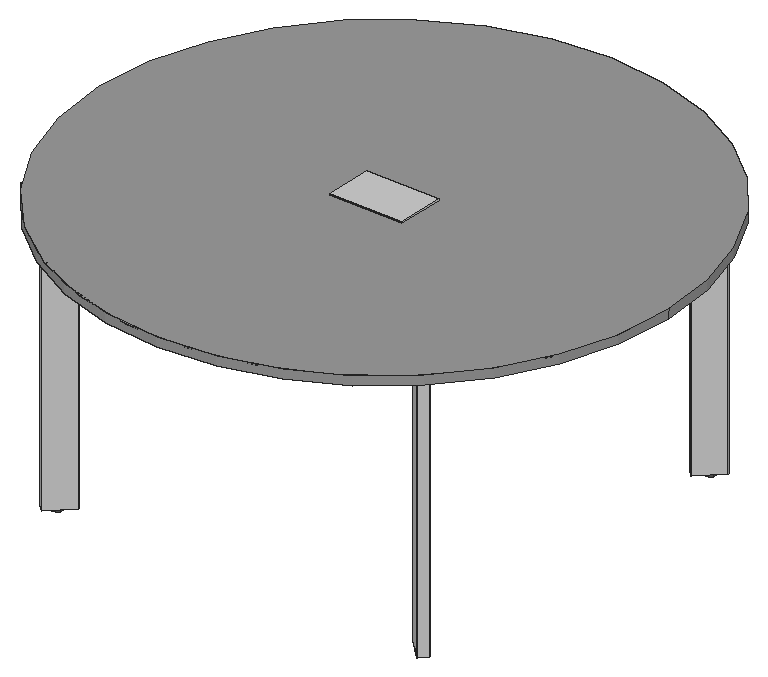
Revit family "Haworth_Planes_ConferenceDesk_Round_AP_PRELIMINARY", category Furniture, Revit 2019
Family settings
  OmniClass Number = 23.40.70.14.64.21
  OmniClass Title = Systems Furniture
  Work Plane-Based = No
  Always vertical = Yes
  Cut with Voids When Loaded = No
  Shared = No
  Room Calculation Point = No
Parameters (values of type "1600w")
  Warranty = "http://www.haworth.com/resources/product-info/warranties"
  URL - Product = "https://www.haworth.com/ap/en/products/conference-tables/planes-0.html"
  Top Finish [instance] = Haworth _ Laminate _ Undecided _ Tables
  Support Finish [instance] = Haworth _ Paint _ Undecided _ Table
  Model = "WOPLTCO"  # constant formula
  Leg Length = if(Actual Width < 1400 mm, 220 mm, if(Actual Width = 1400 mm, 250 mm, 290 mm))  # 290 mm
  Leg Height = Actual Height - 25 mm  # 715 mm
  Glide Finish = Haworth _ Polymer _ Black
  Flip Top Finish = Haworth _ Paint _ Undecided _ Table
  Flip Top = yes
  Description = "Haworth - Planes - Conference Table - Round"  # constant formula
  URL = "https://www.haworth.com/ap/en.html"
  Size = "Verify Final Dim. w/ Haworth"  # constant formula
  Revision Number = "1"  # constant formula
  Manufacturer = "Haworth"  # constant formula
  Author = "Haworth (Abd Rahman)"  # constant formula
  Assembly Code = "E2020200"
  Actual Width = 1600 mm
  Actual Height = 740 mm  # constant formula
  Actual Diameter = Actual Width / 2  # 800 mm
  Actual Depth = Actual Width  # 1600 mm
Types (5, lengths in mm): name | Leg Length | Flip Top | Actual Width | Actual Diameter | Actual Depth
  (no name) | 290 | yes | 1600 | 800 | 1600
  1000w | 220 | no | 1000 | 500 | 1000
  1200w | 220 | yes | 1200 | 600 | 1200
  1400w | 250 | no | 1400 | 700 | 1400
  1600w | 290 | yes | 1600 | 800 | 1600
Reference planes
  plane 1 "Center F/B": y = 0
  plane 2: z = 0
  plane 3 "Top": z = 740
  plane 4: x = 0
  plane 5: z = 715
  plane 6: x = -800
  plane 7: x = 800
  plane 8: y = 800
  plane 9: y = -800
  plane 10: x = -510
  plane 11: x = 510
  plane 12: y = -510
  plane 13: y = 510
Dimensions and locks
  "Actual Height": plane 3 "Top" to level
  "Actual Width": plane 6 to plane 7
  equal spacing: plane 6, plane 4, plane 7
  equal spacing: plane 8, plane 1 "Center F/B", plane 9
  "Actual Depth": plane 8 to plane 9
  locked: plane 3 "Top" to plane 5 at 25
  "Leg Length": plane 6 to plane 10
  "Leg Length": plane 11 to plane 7
  "Leg Length": plane 12 to plane 9
  "Leg Length": plane 13 to plane 8
  aligned and locked: nested 1 to plane 4
  aligned and locked: plane 1 "Center F/B" to nested 1
  aligned and locked: plane 3 "Top" to nested 1
  aligned and locked: nested 2 to plane 4
  aligned and locked: plane 1 "Center F/B" to nested 2
  aligned and locked: nested 2 to plane 3 "Top"
  aligned and locked: nested 3 to plane 11
  aligned and locked: plane 13 to nested 3
  aligned and locked: nested 4 to plane 13
  aligned and locked: plane 10 to nested 4
  aligned and locked: plane 12 to nested 6
  aligned and locked: nested 5 to plane 12
  aligned and locked: nested 6 to plane 10
  aligned and locked: plane 11 to nested 5
  aligned and locked: level to nested 6
  aligned and locked: nested 4 to level
  aligned and locked: nested 5 to level
  aligned and locked: level to nested 3
Nested families
  nested 1: "Haworth_Planes_Top_AP-PART" at (556.859, 72.1, 5), Top Finish <- "Top Finish", type "Conference Desk - Top"
    with Top Finish Haworth _ Laminate _ Undecided _ Tables, Squared Corners no, Rounded Corners no, Actual Width 1600 mm, Actual Diameter 800 mm, Actual Depth 1600 mm
  nested 2: "Haworth-Flip Top" at (-14.487, -1.333, -60), visible <- "Flip Top", type "Flip Top - Visio"
    with Actual Width 200 mm, Actual Depth 130 mm
  nested 3: "Haworth_Planes_InteriorLeg_AP-PART" at (1141.859, 802.1, 0), Leg Finish <- "Support Finish", type "Interior Leg"
    with Leg Finish Haworth _ Paint _ Undecided _ Table, Actual Height 715 mm
  nested 4: "Haworth_Planes_InteriorLeg_AP-PART" at (-1141.859, 802.1, 0) x (-1, 0, 0) z (0, 0, 1), Leg Finish <- "Support Finish", type "Interior Leg"
    with Leg Finish Haworth _ Paint _ Undecided _ Table, Actual Height 715 mm
  nested 5: "Haworth_Planes_InteriorLeg_AP-PART" at (1141.859, -802.1, 0), Leg Finish <- "Support Finish", type "Interior Leg"
    with Leg Finish Haworth _ Paint _ Undecided _ Table, Actual Height 715 mm
  nested 6: "Haworth_Planes_InteriorLeg_AP-PART" at (-1141.859, -802.1, 0) x (-1, 0, 0) z (0, 0, 1), Leg Finish <- "Support Finish", type "Interior Leg"
    with Leg Finish Haworth _ Paint _ Undecided _ Table, Actual Height 715 mm
Definition of nested family "Haworth_Planes_Top_AP-PART"
  Parameters (values of type "Conference Desk - Top")
    Warranty = "http://www.haworth.com/resources/product-info/warranties"
    URL - Product = ""
    URL = ""
    Top Finish [instance] = none
    Thickness = 25 mm
    Squared Corners = yes
    Size = "Verify Final Dim. w/ Haworth"  # constant formula
    Rounded Corners = yes
    Round Table = yes
    Revision Number = "1"  # constant formula
    Model = ""
    Manufacturer = "Haworth"  # constant formula
    Description = ""
    Author = "Haworth (Abd Rahman)"  # constant formula
    Assembly Code = "E2020200"
    Actual Width = 2000 mm
    Actual Mounting Height = 450 mm
    Actual Diameter = 600 mm
    Actual Depth = 1200 mm
  Reference planes
    plane 1: z = -5
    plane 2: x = -1556.859
    plane 3: x = 443.141
    plane 4: x = -556.859
    plane 5: y = 527.9
    plane 6: y = -672.1
    plane 7: y = -72.1
    plane 8: z = 735
    plane 9: z = 710
    plane 10: x = 438.203
    plane 11: x = -1551.922
    plane 12: y = 523.298
    plane 13: y = -667.498
  Forms (mm)
    Extrusion 1, solid, material <- "Top Finish", visible <- "Squared Corners"
      sketch origin (0, 0, -5) x (1, 0, 0) y (0, 1, 0)
        loop
          line (-1556.859, 527.9) -> (-1556.859, -672.1) -> (443.141, -672.1) -> (443.141, 527.9) -> (-1556.859, 527.9)
      from 715 to 740
    Extrusion 2, solid, material <- "Top Finish", visible <- "Rounded Corners"
      sketch origin (0, 0, -5) x (1, 0, 0) y (0, 1, 0)
        loop
          arc (-1511.922, 523.298) -> (-1540.206, 511.583) -> (-1551.922, 483.298) r 40
          line (-1551.922, 483.298) -> (-1551.922, -627.498)
          arc (-1551.922, -627.498) -> (-1540.206, -655.783) -> (-1511.922, -667.498) r 40
          line (-1511.922, -667.498) -> (398.203, -667.498)
          arc (398.203, -667.498) -> (426.488, -655.783) -> (438.203, -627.498) r 40
          line (438.203, -627.498) -> (438.203, 483.298)
          arc (438.203, 483.298) -> (426.488, 511.583) -> (398.203, 523.298) r 40
          line (398.203, 523.298) -> (-1511.922, 523.298)
      from 715 to 740
    Extrusion 3, solid, material <- "Top Finish", visible <- "Round Table"
      sketch origin (0, 0, -5) x (1, 0, 0) y (0, 1, 0)
        loop
          circle (-556.859, -72.1) r 600
      from 715 to 740
  Lines and regions (mm)
    Masking region 1, visible <- "Squared Corners"
      outline origin (0, 0, -5) x (1, 0, 0) y (0, 1, 0)
        loop
          line (-1556.859, 527.9) -> (-1556.859, -672.1) -> (443.141, -672.1) -> (443.141, 527.9) -> (-1556.859, 527.9)
    Masking region 2, visible <- "Rounded Corners"
      outline origin (0, 0, -5) x (1, 0, 0) y (0, 1, 0)
        loop
          arc (-1516.859, 527.9) -> (-1545.143, 516.184) -> (-1556.859, 487.9) r 40
          line (-1556.859, 487.9) -> (-1556.859, -632.1)
          arc (-1556.859, -632.1) -> (-1545.143, -660.384) -> (-1516.859, -672.1) r 40
          line (-1516.859, -672.1) -> (403.141, -672.1)
          arc (403.141, -672.1) -> (431.425, -660.384) -> (443.141, -632.1) r 40
          line (443.141, -632.1) -> (443.141, 487.9)
          arc (443.141, 487.9) -> (431.425, 516.184) -> (403.141, 527.9) r 40
          line (403.141, 527.9) -> (-1516.859, 527.9)
    Masking region 3, visible <- "Round Table"
      outline origin (0, 0, -5) x (1, 0, 0) y (0, 1, 0)
        loop
          circle (-556.859, -72.1) r 600
  Dimensions and locks
    equal spacing: plane 2, plane 4, plane 3
    equal spacing: plane 6, plane 7, plane 5
    "Actual Width": plane 2 to plane 3
    "Actual Depth": plane 6 to plane 5
    locked: plane 8 to plane 9 at 25
    locked: plane 2 to plane 11 at 4.937
    locked: plane 10 to plane 3 at 4.938
    locked: plane 12 to plane 5 at 4.602
    locked: plane 6 to plane 13 at 4.602
    "Actual Diameter": radius of Extrusion 3 sketch curve
    "Actual Diameter": radius of Masking region 3 sketch curve
    aligned and locked: level to plane 1
    aligned and locked: plane 3 to Extrusion 1 sketch curve
    aligned and locked: plane 5 to Extrusion 1 sketch curve
    aligned and locked: Extrusion 1 sketch curve to plane 6
    aligned and locked: Extrusion 1 sketch curve to plane 2
    aligned and locked: plane 8 to Extrusion 1
    aligned and locked: Extrusion 1 to plane 9
    aligned and locked: plane 10 to Extrusion 2 sketch curve
    aligned and locked: Extrusion 2 sketch curve to plane 12
    aligned and locked: Extrusion 2 sketch curve to plane 13
    aligned and locked: plane 11 to Extrusion 2 sketch curve
    aligned and locked: Extrusion 2 to plane 9
    aligned and locked: plane 3 to Masking region 1 sketch curve
    aligned and locked: Masking region 1 sketch curve to plane 6
    aligned and locked: plane 5 to Masking region 1 sketch curve
    aligned and locked: Masking region 1 sketch curve to plane 2
    aligned and locked: plane 3 to Masking region 2 sketch curve
    aligned and locked: Masking region 2 sketch curve to plane 6
    aligned and locked: plane 5 to Masking region 2 sketch curve
    aligned and locked: Masking region 2 sketch curve to plane 2
    aligned and locked: plane 8 to Extrusion 2
    aligned and locked: plane 4 to Extrusion 3 sketch curve
    aligned and locked: plane 7 to Extrusion 3 sketch curve
    aligned and locked: plane 8 to Extrusion 3
    aligned and locked: Extrusion 3 to plane 9
    aligned and locked: plane 4 to Masking region 3 sketch curve
    aligned and locked: plane 7 to Masking region 3 sketch curve
  Automatic sketch dimensions
    plane 11 to Extrusion 2 sketch curve = 40 mm  (x2)
    plane 10 to Extrusion 2 sketch curve = 40 mm  (x2)
    Extrusion 2 sketch curve to plane 13 = 40 mm  (x2)
    plane 11 to Masking region 2 sketch curve = 35.063 mm  (x2)
    plane 10 to Masking region 2 sketch curve = 35.062 mm  (x2)
Definition of nested family "Haworth-Flip Top"
  Parameters (values of type "Flip Top - Visio")
    Warranty = ""
    URL - Product = ""
    URL = ""
    Sustainability Info = ""
    Size = "Verify Final Dim. w/ Haworth"  # constant formula
    Single Sided = no
    Single Sided Wide = yes
    Revision Number = ""
    OmniClass Number = ""
    Material Options = ""
    Manufacturer = "Haworth"  # constant formula
    LEED Data = ""
    Flip Top Height = 25 mm
    Flip Top Finish = none
    Double Sided = no
    Double Sided Wide = no
    Author = "SHAPE Environments, LLC"  # constant formula
    Assembly Code = ""
    Actual Width = 500 mm
    Actual Height = 800 mm
    Actual Depth = 110 mm
  Reference planes
    plane 1 "Center F/B": y = 1.333
    plane 2: z = 0
    plane 3 "Center L/R": x = 14.487
    plane 4 "Back": y = 56.333
    plane 5 "Right": x = 264.487
    plane 6 "Front": y = -53.667
    plane 7 "Left": x = -235.513
    plane 8 "Table Height": z = 800
    plane 9: z = 775
  Forms (mm)
    Extrusion 1, solid, material <- "Flip Top Finish"
      sketch origin (0, 0, 800) x (-1, 0, 0) y (0, -1, 0)
        loop
          line (235.513, -56.333) -> (235.513, 53.667) -> (-264.487, 53.667) -> (-264.487, -56.333) -> (235.513, -56.333)
      from 0 to 3.175
    Extrusion 2, solid, material <- "Flip Top Finish"
      sketch origin (0, 0, 800) x (-1, 0, 0) y (0, -1, 0)
        loop
          line (232.338, -51.571) -> (232.338, 48.904) -> (-261.312, 48.904) -> (-261.312, -51.571) -> (232.338, -51.571)
      from 0 to -25
  Cuts and joins
    joined: Extrusion 1, Extrusion 2
  Lines and regions (mm)
    symbolic lines
      curve 1: line (-235.513, 56.333, 800) -> (264.487, 56.333, 800)
      curve 2: line (-235.513, -53.667, 800) -> (-235.513, 56.333, 800)
      curve 3: line (264.487, -53.667, 800) -> (-235.513, -53.667, 800)
      curve 4: line (264.487, 56.333, 800) -> (264.487, -53.667, 800)
  Dimensions and locks
    equal spacing: plane 7 "Left", plane 3 "Center L/R", plane 5 "Right"
    "Actual Width": plane 7 "Left" to plane 5 "Right"
    equal spacing: plane 6 "Front", plane 1 "Center F/B", plane 4 "Back"
    "Actual Depth": plane 4 "Back" to plane 6 "Front"
    plane 7 "Left" to Extrusion 2 sketch curve = 3.175 mm
    plane 4 "Back" to Extrusion 2 sketch curve = 4.762 mm
    Extrusion 2 sketch curve to plane 5 "Right" = 3.175 mm
    Extrusion 2 sketch curve to plane 6 "Front" = 4.763 mm
    "Actual Height": plane 8 "Table Height" to level
    "Flip Top Height": plane 8 "Table Height" to plane 9
    aligned and locked: plane 7 "Left" to Extrusion 1 sketch curve
    aligned and locked: Extrusion 1 sketch curve to plane 4 "Back"
    aligned and locked: Extrusion 1 sketch curve to plane 6 "Front"
    aligned and locked: Extrusion 1 sketch curve to plane 5 "Right"
    aligned and locked: cut or joined group of Extrusion 1, Extrusion 2 to plane 9
  Automatic sketch dimensions
    curve 4 to plane 5 "Right" = 0 mm
    curve 2 to plane 4 "Back" = 0 mm
    curve 2 to plane 7 "Left" = 0 mm
    curve 4 to plane 6 "Front" = 0 mm
Definition of nested family "Haworth_Planes_InteriorLeg_AP-PART"
  Parameters (values of type "Interior Leg")
    Warranty = "http://www.haworth.com/resources/product-info/warranties"
    URL - Product = ""
    URL = "https://www.haworth.com/ap/en.html"
    Size = "Verify Final Dim. w/ Haworth"  # constant formula
    Revision Number = "1"  # constant formula
    Model = ""
    Manufacturer = "Haworth"  # constant formula
    Leg Finish [instance] = none
    Glide Finish = none
    Description = ""
    Author = "Haworth (Abd Rahman)"  # constant formula
    Assembly Code = "E2020200"
    Actual Width = 190 mm  # constant formula
    Actual Height = 700 mm
    Actual Depth = 190 mm  # constant formula
  Reference planes
    plane 1: z = 0
    plane 2 "Center F/B": y = -292.1
    plane 3 "Top": z = 700
    plane 4: z = 692
    plane 5: x = -631.859
    plane 6: y = -209.465
    plane 7: y = -399.465
    plane 8: x = -543.029
    plane 9: x = -733.029
    plane 10: z = 5.995
  Forms (mm)
    Extrusion 1, solid, material <- "Leg Finish"
      sketch origin (5860.38, -452.873, 0) x (1, 0, 0) y (0, 1, 0)
        loop
          line (-6454.785, 176.424) -> (-6473.569, 195.207)
          arc (-6473.569, 195.207) -> (-6474.283, 195.503) -> (-6474.998, 195.207) r 1.011
          line (-6474.998, 195.207) -> (-6531.948, 138.258)
          arc (-6531.948, 138.258) -> (-6532.241, 137.55) -> (-6531.948, 136.843) r 1
          line (-6531.948, 136.843) -> (-6513.189, 118.084)
          arc (-6513.189, 118.084) -> (-6512.45, 117.778) -> (-6511.71, 118.084) r 1.046
          line (-6511.71, 118.084) -> (-6454.785, 175.009)
          arc (-6454.785, 175.009) -> (-6454.492, 175.717) -> (-6454.785, 176.424) r 1
      from 5.995 to 692
    Extrusion 2, solid, material <- "Leg Finish"
      sketch origin (5860.38, -452.873, 0) x (1, 0, 0) y (0, 1, 0)
        loop
          line (-6426.372, 171.44) -> (-6478.942, 224.011)
          arc (-6478.942, 224.011) -> (-6482.478, 225.475) -> (-6486.013, 224.011) r 5
          line (-6486.013, 224.011) -> (-6501.788, 208.236)
          arc (-6501.788, 208.236) -> (-6509.725, 206.834) -> (-6513.763, 213.809) r 7.03
          line (-6513.763, 213.809) -> (-6512.918, 223.661)
          arc (-6512.918, 223.661) -> (-6513.853, 226.61) -> (-6516.599, 228.036) r 4.044
          line (-6516.599, 228.036) -> (-6543.901, 230.395)
          arc (-6543.901, 230.395) -> (-6545.581, 230.843) -> (-6547.006, 231.841) r 5
          line (-6547.006, 231.841) -> (-6554.227, 239.061)
          arc (-6554.227, 239.061) -> (-6556.792, 240.856) -> (-6559.816, 241.664) r 9
          line (-6559.816, 241.664) -> (-6580.001, 243.408)
          arc (-6580.001, 243.408) -> (-6583.649, 242.253) -> (-6585.413, 238.857) r 5
          line (-6585.413, 238.857) -> (-6593.408, 146.323)
          arc (-6593.408, 146.323) -> (-6592.254, 142.674) -> (-6588.857, 140.911) r 5
          line (-6588.857, 140.911) -> (-6558.479, 138.286)
          arc (-6558.479, 138.286) -> (-6556.799, 137.837) -> (-6555.374, 136.84) r 5
          line (-6555.374, 136.84) -> (-6513.16, 94.626)
          arc (-6513.16, 94.626) -> (-6512.163, 93.201) -> (-6511.714, 91.521) r 5
          line (-6511.714, 91.521) -> (-6509.089, 61.143)
          arc (-6509.089, 61.143) -> (-6507.326, 57.746) -> (-6503.677, 56.592) r 5
          line (-6503.677, 56.592) -> (-6411.641, 64.544)
          arc (-6411.641, 64.544) -> (-6407.905, 66.484) -> (-6406.635, 70.497) r 5.5
          line (-6406.635, 70.497) -> (-6408.336, 90.184)
          arc (-6408.336, 90.184) -> (-6409.144, 93.208) -> (-6410.939, 95.773) r 9
          line (-6410.939, 95.773) -> (-6418.236, 103.07)
          arc (-6418.236, 103.07) -> (-6419.056, 104.239) -> (-6419.429, 105.616) r 4.131
          line (-6419.429, 105.616) -> (-6421.969, 133.464)
          arc (-6421.969, 133.464) -> (-6423.384, 136.167) -> (-6426.294, 137.086) r 4
          line (-6426.294, 137.086) -> (-6436.271, 136.23)
          arc (-6436.271, 136.23) -> (-6443.217, 140.252) -> (-6441.82, 148.156) r 7.001
          line (-6441.82, 148.156) -> (-6426.372, 163.604)
          arc (-6426.372, 163.604) -> (-6424.749, 167.522) -> (-6426.372, 171.44) r 5.541
      from 692 to 700
    Extrusion 3, solid, material <- "Glide Finish"
      sketch origin (35.938, -51.741, 0) x (1, 0, 0) y (0, 1, 0)
        loop
          line (-661.294, -228.493) -> (-671.815, -228.493) -> (-679.255, -235.933) -> (-679.255, -246.454) -> (-671.815, -253.893) -> (-661.294, -253.893) -> (-653.855, -246.454) -> (-653.855, -235.933) -> (-661.294, -228.493)
      from 0 to 5.995
  Lines and regions (mm)
    Masking region 1
      outline origin (0, 0, 0) x (1, 0, 0) y (0, 1, 0)
        loop
          line (-565.992, -281.433) -> (-618.563, -228.862)
          arc (-618.563, -228.862) -> (-622.098, -227.398) -> (-625.634, -228.862) r 5
          line (-625.634, -228.862) -> (-641.408, -244.636)
          arc (-641.408, -244.636) -> (-649.345, -246.039) -> (-653.384, -239.064) r 7.03
          line (-653.384, -239.064) -> (-652.538, -229.212)
          arc (-652.538, -229.212) -> (-653.473, -226.263) -> (-656.22, -224.837) r 4.044
          line (-656.22, -224.837) -> (-683.522, -222.478)
          arc (-683.522, -222.478) -> (-685.202, -222.029) -> (-686.627, -221.032) r 5
          line (-686.627, -221.032) -> (-693.847, -213.811)
          arc (-693.847, -213.811) -> (-696.412, -212.017) -> (-699.437, -211.209) r 9
          line (-699.437, -211.209) -> (-719.621, -209.465)
          arc (-719.621, -209.465) -> (-723.27, -210.619) -> (-725.033, -214.016) r 5
          line (-725.033, -214.016) -> (-733.029, -306.55)
          arc (-733.029, -306.55) -> (-731.874, -310.199) -> (-728.478, -311.962) r 5
          line (-728.478, -311.962) -> (-698.1, -314.587)
          arc (-698.1, -314.587) -> (-696.42, -315.036) -> (-694.995, -316.033) r 5
          line (-694.995, -316.033) -> (-652.78, -358.247)
          arc (-652.78, -358.247) -> (-651.783, -359.672) -> (-651.335, -361.352) r 5
          line (-651.335, -361.352) -> (-648.71, -391.73)
          arc (-648.71, -391.73) -> (-646.946, -395.126) -> (-643.298, -396.281) r 5
          line (-643.298, -396.281) -> (-551.262, -388.328)
          arc (-551.262, -388.328) -> (-547.526, -386.389) -> (-546.256, -382.375) r 5.5
          line (-546.256, -382.375) -> (-547.957, -362.689)
          arc (-547.957, -362.689) -> (-548.764, -359.664) -> (-550.559, -357.1) r 9
          line (-550.559, -357.1) -> (-557.857, -349.802)
          arc (-557.857, -349.802) -> (-558.676, -348.634) -> (-559.049, -347.257) r 4.131
          line (-559.049, -347.257) -> (-561.589, -319.409)
          arc (-561.589, -319.409) -> (-563.005, -316.705) -> (-565.915, -315.787) r 4
          line (-565.915, -315.787) -> (-575.891, -316.643)
          arc (-575.891, -316.643) -> (-582.837, -312.621) -> (-581.44, -304.717) r 7.001
          line (-581.44, -304.717) -> (-565.992, -289.269)
          arc (-565.992, -289.269) -> (-564.369, -285.351) -> (-565.992, -281.433) r 5.541
        loop
          line (-651.331, -334.788) -> (-594.405, -277.863)
          arc (-594.405, -277.863) -> (-594.113, -277.156) -> (-594.405, -276.449) r 1
          line (-594.405, -276.449) -> (-613.189, -257.666)
          arc (-613.189, -257.666) -> (-613.904, -257.369) -> (-614.619, -257.666) r 1.011
          line (-614.619, -257.666) -> (-671.568, -314.615)
          arc (-671.568, -314.615) -> (-671.861, -315.322) -> (-671.568, -316.029) r 1
          line (-671.568, -316.029) -> (-652.809, -334.788)
          arc (-652.809, -334.788) -> (-652.07, -335.095) -> (-651.331, -334.788) r 1.046
    Masking region 2
      outline origin (0, 0, 0) x (1, 0, 0) y (0, 1, 0)
        loop
          line (-617.917, -287.674) -> (-625.357, -280.234) -> (-635.878, -280.234) -> (-643.317, -287.674) -> (-643.317, -298.195) -> (-635.878, -305.634) -> (-625.357, -305.634) -> (-617.917, -298.195) -> (-617.917, -287.674)
  Dimensions and locks
    "Actual Height": plane 3 "Top" to plane 1
    plane 3 "Top" to level = 700 mm
    locked: plane 3 "Top" to plane 4 at 8
    plane 6 to plane 2 "Center F/B" to plane 7 = 82.635 mm, 107.365 mm
    plane 9 to plane 5 to plane 8 = 101.17 mm, 88.83 mm
    "Actual Width": plane 9 to plane 8
    "Actual Depth": plane 6 to plane 7
    locked: plane 10 to level at 5.995
    aligned and locked: plane 3 "Top" to Extrusion 2
    aligned and locked: plane 4 to Extrusion 2
    aligned and locked: Extrusion 1 to plane 4
    aligned and locked: level to plane 1
    aligned and locked: plane 10 to Extrusion 3
    aligned and locked: Extrusion 3 to level
    aligned and locked: Extrusion 1 to plane 10
  Automatic sketch dimensions
    Extrusion 1 sketch curve to Extrusion 1 sketch curve = 0 mm
    Extrusion 1 sketch curve to Extrusion 1 sketch curve = 0.707 mm  (x5)
    Extrusion 1 sketch curve to Extrusion 1 sketch curve = 18.759 mm
    Extrusion 1 sketch curve to Extrusion 1 sketch curve = 0.739 mm  (x3)
    Extrusion 1 sketch curve to Extrusion 1 sketch curve = 56.95 mm
    Extrusion 1 sketch curve to Extrusion 1 sketch curve = 0.715 mm  (x3)
    Extrusion 1 sketch curve to Extrusion 1 sketch curve = 18.791 mm
    Extrusion 2 sketch curve to Extrusion 2 sketch curve = 4.551 mm  (x2)
    Extrusion 2 sketch curve to Extrusion 2 sketch curve = 0.43 mm  (x6)
    Extrusion 2 sketch curve to Extrusion 2 sketch curve = 7.996 mm
    Extrusion 2 sketch curve to Extrusion 2 sketch curve = 4.981 mm  (x3)
    Extrusion 2 sketch curve to Extrusion 2 sketch curve = 19.84 mm
    Extrusion 2 sketch curve to Extrusion 2 sketch curve = 0.775 mm  (x2)
    Extrusion 2 sketch curve to Extrusion 2 sketch curve = 29.947 mm  (x2)
    Extrusion 2 sketch curve to Extrusion 2 sketch curve = 3.105 mm  (x2)
    Extrusion 2 sketch curve to Extrusion 2 sketch curve = 5.589 mm
    Extrusion 2 sketch curve to Extrusion 2 sketch curve = 7.221 mm
    Extrusion 2 sketch curve to Extrusion 2 sketch curve = 3.536 mm  (x6)
    Extrusion 2 sketch curve to Extrusion 2 sketch curve = 26.954 mm
    Extrusion 2 sketch curve to Extrusion 2 sketch curve = 42.214 mm  (x2)
    Extrusion 2 sketch curve to Extrusion 2 sketch curve = 0.348 mm
    Extrusion 2 sketch curve to Extrusion 2 sketch curve = 3.184 mm
    Extrusion 2 sketch curve to Extrusion 2 sketch curve = 4.03 mm
    Extrusion 2 sketch curve to Extrusion 2 sketch curve = 1.446 mm  (x2)
    Extrusion 2 sketch curve to Extrusion 2 sketch curve = 2.625 mm
    Extrusion 2 sketch curve to Extrusion 2 sketch curve = 7.005 mm
    Extrusion 2 sketch curve to Extrusion 2 sketch curve = 4.971 mm  (x2)
    Extrusion 2 sketch curve to Extrusion 2 sketch curve = 15.774 mm
    Extrusion 2 sketch curve to Extrusion 2 sketch curve = 40.658 mm
    Extrusion 2 sketch curve to Extrusion 2 sketch curve = 4.951 mm
    Extrusion 2 sketch curve to Extrusion 2 sketch curve = 0.599 mm
    Extrusion 2 sketch curve to Extrusion 2 sketch curve = 11.53 mm
    Extrusion 2 sketch curve to Extrusion 2 sketch curve = 3.918 mm  (x3)
    Extrusion 2 sketch curve to Extrusion 2 sketch curve = 9.976 mm
    Extrusion 2 sketch curve to Extrusion 2 sketch curve = 0.342 mm
    Extrusion 2 sketch curve to Extrusion 2 sketch curve = 3.983 mm
    Extrusion 2 sketch curve to Extrusion 2 sketch curve = 2.54 mm
    Extrusion 2 sketch curve to Extrusion 2 sketch curve = 1.193 mm
    Extrusion 2 sketch curve to Extrusion 2 sketch curve = 0.933 mm
    Extrusion 2 sketch curve to Extrusion 2 sketch curve = 2.921 mm
    Extrusion 2 sketch curve to Extrusion 2 sketch curve = 5.188 mm
    Extrusion 2 sketch curve to Extrusion 2 sketch curve = 0.473 mm
    Extrusion 2 sketch curve to Extrusion 2 sketch curve = 6.364 mm  (x2)
    Extrusion 2 sketch curve to Extrusion 2 sketch curve = 2.603 mm
    Extrusion 2 sketch curve to Extrusion 2 sketch curve = 5.48 mm  (x2)
    plane 5 to Extrusion 1 sketch curve = 39.709 mm
    plane 5 to Extrusion 2 sketch curve = 101.17 mm
    Extrusion 1 sketch curve to plane 2 "Center F/B" = 14.237 mm
    Extrusion 1 sketch curve to Extrusion 1 sketch curve = 18.776 mm
    Extrusion 2 sketch curve to Extrusion 2 sketch curve = 19.385 mm
    Extrusion 2 sketch curve to Extrusion 2 sketch curve = 7.297 mm
    Extrusion 2 sketch curve to Extrusion 2 sketch curve = 2.546 mm
    Extrusion 2 sketch curve to Extrusion 2 sketch curve = 0.363 mm
    Extrusion 2 sketch curve to Extrusion 2 sketch curve = 0.856 mm
    Extrusion 2 sketch curve to Extrusion 2 sketch curve = 6.976 mm
    Extrusion 2 sketch curve to plane 2 "Center F/B" = 2.831 mm
    Extrusion 2 sketch curve to plane 2 "Center F/B" = 47.464 mm
    Extrusion 2 sketch curve to Extrusion 2 sketch curve = 12.239 mm
    Extrusion 2 sketch curve to Extrusion 2 sketch curve = 9.852 mm
    Extrusion 2 sketch curve to Extrusion 2 sketch curve = 0.346 mm
    Extrusion 2 sketch curve to Extrusion 2 sketch curve = 2.359 mm
    Extrusion 2 sketch curve to Extrusion 2 sketch curve = 0.857 mm
    Extrusion 2 sketch curve to Extrusion 2 sketch curve = 5.729 mm
    plane 2 "Center F/B" to Extrusion 1 sketch curve = 22.515 mm
    Extrusion 1 sketch curve to Extrusion 1 sketch curve = 18.727 mm
    plane 2 "Center F/B" to Extrusion 2 sketch curve = 12.617 mm
    plane 2 "Center F/B" to Extrusion 2 sketch curve = 14.45 mm
    plane 2 "Center F/B" to Extrusion 2 sketch curve = 22.487 mm
    Extrusion 2 sketch curve to Extrusion 2 sketch curve = 27.473 mm
    Masking region 1 sketch curve to plane 9 = 0 mm
    Masking region 1 sketch curve to plane 6 = 0 mm
    Masking region 1 sketch curve to plane 9 = 4.551 mm
    Masking region 1 sketch curve to plane 9 = 4.981 mm
    Masking region 1 sketch curve to plane 6 = 4.551 mm
    Masking region 1 sketch curve to plane 9 = 7.996 mm
    Masking region 1 sketch curve to Masking region 1 sketch curve = 4.981 mm  (x3)
    Masking region 1 sketch curve to Masking region 1 sketch curve = 0.43 mm  (x5)
    Masking region 1 sketch curve to Masking region 1 sketch curve = 19.84 mm
    Masking region 1 sketch curve to plane 6 = 1.744 mm
    Masking region 1 sketch curve to Masking region 1 sketch curve = 0.775 mm  (x2)
    Masking region 1 sketch curve to Masking region 1 sketch curve = 29.947 mm  (x2)
    Masking region 1 sketch curve to Masking region 1 sketch curve = 3.105 mm  (x2)
    Masking region 1 sketch curve to plane 6 = 4.347 mm
    Masking region 1 sketch curve to Masking region 1 sketch curve = 5.589 mm
    Masking region 1 sketch curve to plane 6 = 11.567 mm
    Masking region 1 sketch curve to Masking region 1 sketch curve = 7.221 mm
    Masking region 1 sketch curve to plane 6 = 13.013 mm
    plane 5 to Masking region 1 sketch curve = 24.709 mm
    plane 5 to Masking region 1 sketch curve = 24.457 mm
    Masking region 1 sketch curve to Masking region 1 sketch curve = 0.348 mm
    Masking region 1 sketch curve to Masking region 1 sketch curve = 3.184 mm
    Masking region 1 sketch curve to Masking region 1 sketch curve = 3.536 mm  (x5)
    Masking region 1 sketch curve to Masking region 1 sketch curve = 4.03 mm
    Masking region 1 sketch curve to Masking region 1 sketch curve = 1.446 mm
    plane 7 to Masking region 1 sketch curve = 7.735 mm
    plane 5 to Masking region 1 sketch curve = 16.851 mm
    Masking region 1 sketch curve to Masking region 1 sketch curve = 7.005 mm
    plane 7 to Masking region 1 sketch curve = 3.184 mm
    Masking region 1 sketch curve to Masking region 1 sketch curve = 4.971 mm  (x2)
    Masking region 1 sketch curve to plane 5 = 6.225 mm
    plane 2 "Center F/B" to Masking region 1 sketch curve = 12.617 mm
    plane 8 to Masking region 1 sketch curve = 38.412 mm
    Masking region 1 sketch curve to Masking region 1 sketch curve = 4.951 mm
    plane 2 "Center F/B" to Masking region 1 sketch curve = 24.543 mm
    Masking region 1 sketch curve to Masking region 1 sketch curve = 0.599 mm
    Masking region 1 sketch curve to plane 2 "Center F/B" = 6.749 mm
    Masking region 1 sketch curve to Masking region 1 sketch curve = 11.53 mm
    Masking region 1 sketch curve to plane 2 "Center F/B" = 2.831 mm
    Masking region 1 sketch curve to Masking region 1 sketch curve = 3.918 mm
    Masking region 1 sketch curve to plane 2 "Center F/B" = 10.667 mm
    Masking region 1 sketch curve to Masking region 1 sketch curve = 9.976 mm
    Masking region 1 sketch curve to Masking region 1 sketch curve = 0.342 mm
    Masking region 1 sketch curve to Masking region 1 sketch curve = 3.983 mm
    plane 8 to Masking region 1 sketch curve = 16.021 mm
    Masking region 1 sketch curve to Masking region 1 sketch curve = 1.193 mm
    Masking region 1 sketch curve to Masking region 1 sketch curve = 0.933 mm
    Masking region 1 sketch curve to Masking region 1 sketch curve = 2.921 mm
    plane 8 to Masking region 1 sketch curve = 8.706 mm
    Masking region 1 sketch curve to Masking region 1 sketch curve = 0.473 mm
    plane 8 to Masking region 1 sketch curve = 7.531 mm
    plane 8 to Masking region 1 sketch curve = 4.928 mm
    plane 8 to Masking region 1 sketch curve = 3.227 mm
    plane 7 to Masking region 1 sketch curve = 11.136 mm
    Masking region 1 sketch curve to Masking region 1 sketch curve = 5.48 mm
    Masking region 1 sketch curve to Masking region 1 sketch curve = 19.385 mm
    Masking region 1 sketch curve to Masking region 1 sketch curve = 7.297 mm
    Masking region 1 sketch curve to Masking region 1 sketch curve = 2.546 mm
    Masking region 1 sketch curve to Masking region 1 sketch curve = 3.129 mm
    plane 2 "Center F/B" to Masking region 1 sketch curve = 27.468 mm
    Masking region 1 sketch curve to Masking region 1 sketch curve = 0.363 mm
    plane 2 "Center F/B" to Masking region 1 sketch curve = 19.862 mm
    Masking region 1 sketch curve to plane 6 = 35.171 mm
    Masking region 1 sketch curve to Masking region 1 sketch curve = 12.239 mm
    Masking region 1 sketch curve to Masking region 1 sketch curve = 9.852 mm
    Masking region 1 sketch curve to Masking region 1 sketch curve = 0.346 mm
    plane 2 "Center F/B" to Masking region 1 sketch curve = 22.515 mm
    Masking region 1 sketch curve to Masking region 1 sketch curve = 23.426 mm
    Masking region 1 sketch curve to Masking region 1 sketch curve = 0 mm
    Masking region 1 sketch curve to Masking region 1 sketch curve = 0.707 mm  (x3)
    plane 5 to Masking region 1 sketch curve = 20.95 mm
    Masking region 1 sketch curve to Masking region 1 sketch curve = 0.739 mm  (x3)
    Masking region 1 sketch curve to plane 5 = 17.24 mm
    Masking region 1 sketch curve to Masking region 1 sketch curve = 0.715 mm  (x3)
    Masking region 1 sketch curve to Masking region 1 sketch curve = 25.202 mm
    Masking region 1 sketch curve to plane 2 "Center F/B" = 15.651 mm
    Masking region 1 sketch curve to plane 2 "Center F/B" = 14.237 mm
    Masking region 1 sketch curve to Masking region 1 sketch curve = 23.458 mm
    Masking region 1 sketch curve to Masking region 1 sketch curve = 1.414 mm
    Masking region 1 sketch curve to Masking region 1 sketch curve = 18.776 mm
    plane 5 to Extrusion 3 sketch curve = 11.458 mm
    Extrusion 3 sketch curve to plane 2 "Center F/B" = 4.426 mm  (x2)
    Extrusion 3 sketch curve to Extrusion 3 sketch curve = 0 mm  (x2)
    plane 5 to Extrusion 3 sketch curve = 4.018 mm  (x2)
    Extrusion 3 sketch curve to plane 5 = 6.503 mm  (x2)
    Extrusion 3 sketch curve to Extrusion 3 sketch curve = 7.439 mm
    plane 2 "Center F/B" to Extrusion 3 sketch curve = 6.095 mm  (x2)
    plane 2 "Center F/B" to Extrusion 3 sketch curve = 13.534 mm
    Extrusion 3 sketch curve to Extrusion 3 sketch curve = 7.44 mm
    plane 5 to Masking region 2 sketch curve = 11.458 mm
    Masking region 2 sketch curve to plane 2 "Center F/B" = 4.426 mm  (x2)
    Masking region 2 sketch curve to Masking region 2 sketch curve = 0 mm  (x2)
    plane 5 to Masking region 2 sketch curve = 4.018 mm  (x2)
    Masking region 2 sketch curve to plane 5 = 6.503 mm  (x2)
    Masking region 2 sketch curve to Masking region 2 sketch curve = 7.439 mm  (x2)
    plane 2 "Center F/B" to Masking region 2 sketch curve = 6.095 mm  (x2)
    Masking region 2 sketch curve to Masking region 2 sketch curve = 7.44 mm
